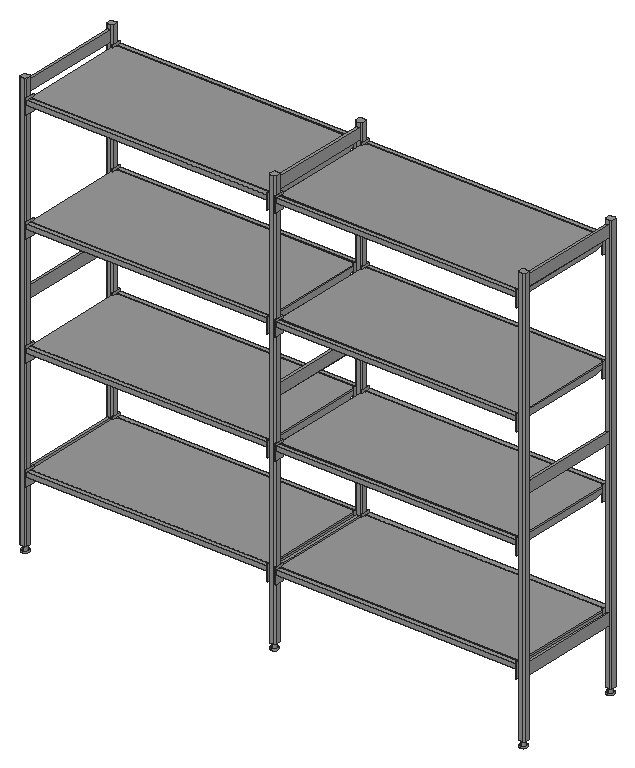
Revit family "QF_ELECTROLUXPROFESSIONAL_137044_BLS2048", category Attrezzature speciali, Revit 2020
Family settings
  Quota connettore circolare = Usa diametro
  Tipo di parte = Normale
  Basato su piano di lavoro = No
  Sempre verticale = Sì
  Taglio con vuoti quando caricato = No
  Condiviso = No
  Punto di calcolo locali = No
Parameters (values of type "Standard")
  Weight = 39.00 kg
  Watts = 0 W
  Volts = 0 V
  URL Manufacturer = "https://www.electroluxprofessional.com/"
  URL = "https://www.electroluxprofessional.com/"
  Steam Supply Size = 0 mm
  Steam Supply Minimum Pressure = 0.0 Pa
  Steam Supply Maximum Pressure = 0.0 Pa
  Steam Consumption per Hour = 0
  Refrigeration Suction Line Size = 0.0 mm
  Refrigeration Liquid Line Size = 0.0 mm
  Refrigerant Compressor Remote = yes
  Prospetto di default = 0.0 mm
  Phase = 0
  Modello = "BLS2048"
  Produttore = "Electrolux Professional"
  Length Actual = 2048.0 mm  # constant formula
  Item Number = "137044"
  Hot Water Size = 0 mm
  Height Actual = 1700.0 mm  # constant formula
  HP = "0 HP"
  Gas Size = 0 mm
  Gas KW = 0
  Gas Input Pressure = 0 W
  Direct Waste Size = 0 mm
  Descrizione = "ALUM.LINEAR SHELV.-POLY.TIERS-475X2048MM"
  Depth Actual = 475.0 mm  # constant formula
  Cycle = 0 Hz
  Condensate Return Size = 0 mm
  Compressed Air Volume = 0.0 L/s
  Compressed Air Size = 0 mm
  Compressed Air Pressure = 0.0 Pa
  Cold Water Size = 0 mm
  Accessory = yes
Reference planes
  plane 1: z = 0
  plane 2 "CenterLeft": x = -31
  plane 3 "LEFT": x = -417
  plane 4 "BACK": y = 23
  plane 5 "FRONT": y = -452
  plane 6 "TOP": z = 1700
  plane 7: x = -385
  plane 8: x = 589
  plane 9 "Center (Front/Back)": y = -214.5
  plane 10: y = -8.5
  plane 11: y = -420.5
  plane 12 "FEET": z = 25
  plane 13: z = 275
  plane 14: z = 725
  plane 15: z = 1175
  plane 16: z = 1625
  plane 17 "CXLeft": x = -403
  plane 18 "Center (Left/Right)": x = 607
  plane 19: y = 5.5
  plane 20 "CYBack": y = 5.5
  plane 21 "CYFront": y = -434.5
  plane 22 "RIGHT": x = 1631
  plane 23: x = 1599
  plane 24 "CXRight": x = 1617
  plane 25: x = 625
Forms (mm)
  Extrusion 1, solid, material "QF_Aluminum"
    sketch origin (-417, 0, -4.006) x (0, 1, 0) y (0, 0, 1)
      loop
        line (-12, 1637.003) -> (4, 1637.003) -> (4, 1655) -> (2.007, 1655) -> (2.007, 1648.501) -> (-431, 1648.501) -> (-431, 1655) -> (-433, 1655) -> (-433, 1637.003) -> (-417, 1637.003) -> (-383, 1625) -> (-46, 1625) -> (-12, 1637.003)
      loop
        line (-12, 1187.003) -> (4, 1187.003) -> (4, 1205) -> (2.007, 1205) -> (2.007, 1198.501) -> (-431, 1198.501) -> (-431, 1205) -> (-433, 1205) -> (-433, 1187.003) -> (-417, 1187.003) -> (-383, 1175) -> (-46, 1175) -> (-12, 1187.003)
      loop
        line (-12, 737.003) -> (4, 737.003) -> (4, 755) -> (2.007, 755) -> (2.007, 748.501) -> (-431, 748.501) -> (-431, 755) -> (-433, 755) -> (-433, 737.003) -> (-417, 737.003) -> (-383, 725) -> (-46, 725) -> (-12, 737.003)
      loop
        line (-12, 287.003) -> (4, 287.003) -> (4, 305) -> (2.007, 305) -> (2.007, 298.501) -> (-431, 298.501) -> (-431, 305) -> (-433, 305) -> (-433, 287.003) -> (-417, 287.003) -> (-383, 275) -> (-46, 275) -> (-12, 287.003)
    from 37 to 32
  Extrusion 2, solid, material "QF_Aluminum"
    sketch origin (-417, 0, 0) x (0, 1, 0) y (0, 0, 1)
      loop
        line (23, 246.005) -> (23, 307.993) -> (-12.993, 307.993) -> (-12.993, 246.005) -> (23, 246.005)
      loop
        line (-452, 246.005) -> (-416.007, 246.005) -> (-416.007, 307.993) -> (-452, 307.993) -> (-452, 246.005)
      loop
        line (23, 696.005) -> (23, 757.993) -> (-12.993, 757.993) -> (-12.993, 696.005) -> (23, 696.005)
      loop
        line (-452, 696.005) -> (-416.007, 696.005) -> (-416.007, 757.993) -> (-452, 757.993) -> (-452, 696.005)
      loop
        line (23, 1146.005) -> (23, 1207.993) -> (-12.993, 1207.993) -> (-12.993, 1146.005) -> (23, 1146.005)
      loop
        line (-452, 1146.005) -> (-416.007, 1146.005) -> (-416.007, 1207.993) -> (-452, 1207.993) -> (-452, 1146.005)
      loop
        line (23, 1596.005) -> (23, 1657.993) -> (-12.993, 1657.993) -> (-12.993, 1596.005) -> (23, 1596.005)
      loop
        line (-452, 1596.005) -> (-416.007, 1596.005) -> (-416.007, 1657.993) -> (-452, 1657.993) -> (-452, 1596.005)
    from 28 to 32
  Extrusion 3, solid, material "QF_Aluminum"
    sketch origin (-417, 0, 0) x (0, 1, 0) y (0, 0, 1)
      loop
        line (4, 1650.994) -> (4, 1632.998) -> (23, 1632.998) -> (23, 1650.994) -> (4, 1650.994)
      loop
        line (-433, 1650.994) -> (-452, 1650.994) -> (-452, 1632.998) -> (-433, 1632.998) -> (-433, 1650.994)
      loop
        line (4, 1200.994) -> (4, 1182.998) -> (23, 1182.998) -> (23, 1200.994) -> (4, 1200.994)
      loop
        line (-433, 1200.994) -> (-452, 1200.994) -> (-452, 1182.998) -> (-433, 1182.998) -> (-433, 1200.994)
      loop
        line (4, 750.994) -> (4, 732.998) -> (23, 732.998) -> (23, 750.994) -> (4, 750.994)
      loop
        line (-433, 750.994) -> (-452, 750.994) -> (-452, 732.998) -> (-433, 732.998) -> (-433, 750.994)
      loop
        line (4, 300.994) -> (4, 282.998) -> (23, 282.998) -> (23, 300.994) -> (4, 300.994)
      loop
        line (-433, 300.994) -> (-452, 300.994) -> (-452, 282.998) -> (-433, 282.998) -> (-433, 300.994)
    from 32 to 1006
  Extrusion 4, solid, material "QF_Polyethylene"
    sketch origin (-417, 0, 0) x (0, 1, 0) y (0, 0, 1)
      loop
        line (2.007, 1650.994) -> (-431, 1650.994) -> (-431, 1644.496) -> (2.007, 1644.496) -> (2.007, 1650.994)
      loop
        line (2.007, 1200.994) -> (-431, 1200.994) -> (-431, 1194.496) -> (2.007, 1194.496) -> (2.007, 1200.994)
      loop
        line (2.007, 750.994) -> (-431, 750.994) -> (-431, 744.496) -> (2.007, 744.496) -> (2.007, 750.994)
      loop
        line (2.007, 300.994) -> (-431, 300.994) -> (-431, 294.496) -> (2.007, 294.496) -> (2.007, 300.994)
    from 32 to 1006
  Extrusion 5, solid, material "QF_Aluminum"
    sketch origin (1631, 0, 0) x (0, 1, 0) y (0, 0, 1)
      loop
        line (4, 1650.994) -> (4, 1632.998) -> (23, 1632.998) -> (23, 1650.994) -> (4, 1650.994)
      loop
        line (-433, 1650.994) -> (-452, 1650.994) -> (-452, 1632.998) -> (-433, 1632.998) -> (-433, 1650.994)
      loop
        line (4, 1200.994) -> (4, 1182.998) -> (23, 1182.998) -> (23, 1200.994) -> (4, 1200.994)
      loop
        line (-433, 1200.994) -> (-452, 1200.994) -> (-452, 1182.998) -> (-433, 1182.998) -> (-433, 1200.994)
      loop
        line (4, 750.994) -> (4, 732.998) -> (23, 732.998) -> (23, 750.994) -> (4, 750.994)
      loop
        line (-433, 750.994) -> (-452, 750.994) -> (-452, 732.998) -> (-433, 732.998) -> (-433, 750.994)
      loop
        line (4, 300.994) -> (4, 282.998) -> (23, 282.998) -> (23, 300.994) -> (4, 300.994)
      loop
        line (-433, 300.994) -> (-452, 300.994) -> (-452, 282.998) -> (-433, 282.998) -> (-433, 300.994)
    from -32 to -1006
  Extrusion 6, solid, material "QF_Polyethylene"
    sketch origin (1631, 0, 0) x (0, 1, 0) y (0, 0, 1)
      loop
        line (2.007, 1650.994) -> (-431, 1650.994) -> (-431, 1644.496) -> (2.007, 1644.496) -> (2.007, 1650.994)
      loop
        line (2.007, 1200.994) -> (-431, 1200.994) -> (-431, 1194.496) -> (2.007, 1194.496) -> (2.007, 1200.994)
      loop
        line (2.007, 750.994) -> (-431, 750.994) -> (-431, 744.496) -> (2.007, 744.496) -> (2.007, 750.994)
      loop
        line (2.007, 300.994) -> (-431, 300.994) -> (-431, 294.496) -> (2.007, 294.496) -> (2.007, 300.994)
    from -32 to -1006
Lines and regions (mm)
  symbolic lines
    curve 1: line (589, 4, 1700) -> (-385, 4, 1700)
    curve 2: line (-408, -8.5, 1700) -> (-408, -420.5, 1700)
    curve 3: line (-398, -420.5, 1700) -> (-398, -8.5, 1700)
    curve 4: line (-389, 23, 1700) -> (593, 23, 1700)
    curve 5: line (-385, -452, 1700) -> (589, -452, 1700)
    curve 6: line (621, 23, 1700) -> (1603, 23, 1700)
    curve 7: line (621, -452, 1700) -> (1603, -452, 1700)
    curve 8: line (-385, -433, 1700) -> (589, -433, 1700)
    curve 9: line (625, -433, 1700) -> (1599, -433, 1700)
    curve 10: line (625, 4, 1700) -> (1599, 4, 1700)
    curve 11: line (1599, -12.993, 1700) -> (1599, -416.007, 1700)
    curve 12: line (589, -12.993, 1700) -> (589, -416.007, 1700)
    curve 13: line (625, -416.007, 1700) -> (625, -12.993, 1700)
    curve 14: line (-385, -12.993, 1700) -> (-385, -416.007, 1700)
Dimensions and locks
  plane 3 "LEFT" to plane 2 "CenterLeft" = 386.0 mm
  locked: plane 6 "TOP" to level at 1700
  locked: plane 4 "BACK" to plane 5 "FRONT" at 475
  locked: plane 7 to plane 8 at 974
  locked: plane 10 to plane 11 at 412
  equal spacing: plane 10, plane 9 "Center (Front/Back)", plane 11
  equal spacing: plane 4 "BACK", plane 9 "Center (Front/Back)", plane 5 "FRONT"
  plane 12 "FEET" to level = 25.0 mm
  plane 6 "TOP" to plane 12 "FEET" = 1675.0 mm
  plane 13 to plane 12 "FEET" = 250.0 mm
  plane 14 to plane 13 = 450.0 mm
  plane 15 to plane 14 = 450.0 mm
  plane 16 to plane 15 = 450.0 mm
  locked: plane 4 "BACK" to plane 20 "CYBack" at 17.5
  locked: plane 21 "CYFront" to plane 5 "FRONT" at 17.5
  locked: plane 4 "BACK" to Extrusion 1 at 19
  locked: Extrusion 1 to plane 5 "FRONT" at 19
  Extrusion 1 sketch curve to plane 21 "CYFront" = 3.5 mm
  plane 3 "LEFT" to plane 22 "RIGHT" = 2048.0 mm
  locked: plane 25 to plane 23 at 974
  locked: plane 8 to plane 18 "Center (Left/Right)" at 18
  locked: plane 18 "Center (Left/Right)" to plane 25 at 18
  locked: plane 3 "LEFT" to plane 7 at 32
  locked: plane 24 "CXRight" to plane 22 "RIGHT" at 14
  aligned and locked: level to plane 1
  aligned and locked: plane 7 to Extrusion 1
  aligned and locked: Extrusion 2 to plane 7
  aligned and locked: plane 7 to Extrusion 4
  aligned and locked: Extrusion 4 to plane 8
  aligned and locked: plane 7 to Extrusion 3
  aligned and locked: Extrusion 3 to plane 8
  aligned and locked: Extrusion 3 sketch curve to Extrusion 1
  aligned and locked: Extrusion 1 to Extrusion 3 sketch curve
  aligned and locked: Extrusion 3 sketch curve to Extrusion 3 sketch curve  (x2)
  aligned and locked: Extrusion 1 sketch curve to Extrusion 1 sketch curve  (x3)
  aligned and locked: Extrusion 4 sketch curve to Extrusion 1  (x4)
  aligned and locked: Extrusion 5 sketch curve to Extrusion 5 sketch curve  (x2)
  aligned and locked: Extrusion 5 to plane 25
  aligned and locked: Extrusion 6 to plane 25
  aligned and locked: nested 3 to plane 18 "Center (Left/Right)"
  aligned and locked: nested 1 to plane 17 "CXLeft"
  aligned and locked: Extrusion 3 to plane 7  (x3)
  aligned and locked: plane 8 to Extrusion 3  (x4)
  aligned and locked: plane 25 to Extrusion 5  (x4)
  aligned and locked: plane 25 to Extrusion 6  (x4)
  aligned and locked: plane 8 to Extrusion 4  (x4)
  aligned and locked: nested 2 to plane 24 "CXRight"
  aligned and locked: Extrusion 5 to plane 23
  aligned and locked: Extrusion 6 to plane 23
  aligned and locked: plane 23 to Extrusion 5  (x3)
  aligned and locked: plane 23 to Extrusion 6  (x3)
Automatic sketch dimensions
  plane 21 "CYFront" to Extrusion 1 sketch curve = 1.5 mm  (x4)
  plane 11 to Extrusion 1 sketch curve = 3.5 mm  (x4)
  Extrusion 1 sketch curve to plane 13 = 4.006 mm
  Extrusion 1 sketch curve to Extrusion 1 sketch curve = 34.0 mm  (x4)
  Extrusion 1 sketch curve to plane 14 = 4.006 mm
  Extrusion 1 sketch curve to plane 15 = 4.006 mm
  Extrusion 1 sketch curve to plane 16 = 4.006 mm
  Extrusion 1 sketch curve to plane 10 = 37.5 mm  (x4)
  Extrusion 1 sketch curve to plane 10 = 3.5 mm  (x4)
  plane 19 to Extrusion 1 sketch curve = 3.493 mm  (x4)
  plane 19 to Extrusion 1 sketch curve = 1.5 mm  (x4)
  plane 13 to Extrusion 1 sketch curve = 7.998 mm  (x2)
  Extrusion 1 sketch curve to Extrusion 1 sketch curve = 11.498 mm  (x4)
  Extrusion 1 sketch curve to Extrusion 1 sketch curve = 6.499 mm  (x8)
  plane 14 to Extrusion 1 sketch curve = 7.998 mm  (x2)
  plane 15 to Extrusion 1 sketch curve = 7.998 mm  (x2)
  plane 16 to Extrusion 1 sketch curve = 7.998 mm  (x2)
  Extrusion 2 sketch curve to plane 5 "FRONT" = 0.0 mm  (x4)
  Extrusion 2 sketch curve to plane 4 "BACK" = 0.0 mm  (x4)
  plane 11 to Extrusion 2 sketch curve = 4.493 mm  (x4)
  Extrusion 2 sketch curve to plane 10 = 4.493 mm  (x4)
  Extrusion 2 sketch curve to plane 13 = 28.995 mm  (x2)
  plane 13 to Extrusion 2 sketch curve = 32.993 mm  (x2)
  Extrusion 2 sketch curve to plane 14 = 28.995 mm  (x2)
  plane 14 to Extrusion 2 sketch curve = 32.993 mm  (x2)
  Extrusion 2 sketch curve to plane 15 = 28.995 mm  (x2)
  plane 15 to Extrusion 2 sketch curve = 32.993 mm  (x2)
  Extrusion 2 sketch curve to plane 16 = 28.995 mm  (x2)
  plane 16 to Extrusion 2 sketch curve = 32.993 mm  (x2)
  Extrusion 3 sketch curve to plane 5 "FRONT" = 0.0 mm  (x4)
  Extrusion 3 sketch curve to plane 4 "BACK" = 0.0 mm  (x4)
  plane 19 to Extrusion 3 sketch curve = 1.5 mm  (x4)
  plane 13 to Extrusion 3 sketch curve = 7.998 mm  (x2)
  Extrusion 3 sketch curve to Extrusion 3 sketch curve = 17.997 mm  (x8)
  plane 14 to Extrusion 3 sketch curve = 7.998 mm  (x2)
  plane 15 to Extrusion 3 sketch curve = 7.998 mm  (x2)
  plane 16 to Extrusion 3 sketch curve = 7.998 mm  (x2)
  plane 19 to Extrusion 4 sketch curve = 3.493 mm  (x4)
  plane 13 to Extrusion 4 sketch curve = 19.496 mm
  Extrusion 4 sketch curve to Extrusion 4 sketch curve = 6.499 mm  (x4)
  plane 14 to Extrusion 4 sketch curve = 19.496 mm
  plane 15 to Extrusion 4 sketch curve = 19.496 mm
  plane 16 to Extrusion 4 sketch curve = 19.496 mm
  Extrusion 5 sketch curve to plane 5 "FRONT" = 0.0 mm  (x4)
  Extrusion 5 sketch curve to plane 4 "BACK" = 0.0 mm  (x4)
  plane 21 "CYFront" to Extrusion 5 sketch curve = 1.5 mm  (x2)
  plane 19 to Extrusion 5 sketch curve = 1.5 mm  (x4)
  plane 13 to Extrusion 5 sketch curve = 7.998 mm  (x2)
  Extrusion 5 sketch curve to Extrusion 5 sketch curve = 17.997 mm  (x8)
  plane 14 to Extrusion 5 sketch curve = 7.998 mm  (x2)
  plane 15 to Extrusion 5 sketch curve = 7.998 mm  (x2)
  plane 16 to Extrusion 5 sketch curve = 7.998 mm  (x2)
  plane 21 "CYFront" to Extrusion 6 sketch curve = 3.5 mm  (x4)
  plane 19 to Extrusion 6 sketch curve = 3.493 mm  (x4)
  plane 13 to Extrusion 6 sketch curve = 19.496 mm
  Extrusion 6 sketch curve to Extrusion 6 sketch curve = 6.499 mm  (x4)
  plane 14 to Extrusion 6 sketch curve = 19.496 mm
  plane 15 to Extrusion 6 sketch curve = 19.496 mm
  plane 16 to Extrusion 6 sketch curve = 19.496 mm
  curve 7 to plane 5 "FRONT" = 0.0 mm
  curve 5 to plane 5 "FRONT" = 0.0 mm
  curve 8 to plane 8 = 0.0 mm
  curve 9 to plane 25 = 0.0 mm
  curve 9 to plane 23 = 0.0 mm
  curve 8 to plane 7 = 0.0 mm
  curve 2 to plane 11 = 0.0 mm
  curve 3 to plane 11 = 0.0 mm
  curve 14 to plane 7 = 0.0 mm
  curve 13 to plane 25 = 0.0 mm
  curve 12 to plane 8 = 0.0 mm
  curve 11 to plane 23 = 0.0 mm
  curve 3 to plane 10 = 0.0 mm
  curve 2 to plane 10 = 0.0 mm
  curve 1 to plane 8 = 0.0 mm
  curve 1 to plane 7 = 0.0 mm
  curve 10 to plane 23 = 0.0 mm
  curve 10 to plane 25 = 0.0 mm
  curve 4 to plane 4 "BACK" = 0.0 mm
  curve 6 to plane 4 "BACK" = 0.0 mm
  curve 5 to plane 8 = 0.0 mm
  curve 5 to plane 7 = 0.0 mm
  plane 21 "CYFront" to curve 8 = 1.5 mm
  plane 21 "CYFront" to curve 9 = 1.5 mm
  plane 11 to curve 14 = 4.493 mm
  plane 11 to curve 13 = 4.493 mm
  plane 11 to curve 12 = 4.493 mm
  plane 11 to curve 11 = 4.493 mm
  curve 14 to plane 10 = 4.493 mm
  curve 13 to plane 10 = 4.493 mm
  curve 12 to plane 10 = 4.493 mm
  curve 11 to plane 10 = 4.493 mm
  plane 19 to curve 1 = 1.5 mm
  plane 19 to curve 10 = 1.5 mm
  curve 6 to plane 23 = 4.0 mm
  curve 7 to plane 23 = 4.0 mm
  curve 6 to plane 25 = 4.0 mm
  curve 7 to plane 25 = 4.0 mm
  curve 4 to plane 8 = 4.0 mm
  plane 7 to curve 4 = 4.0 mm
  plane 17 "CXLeft" to curve 3 = 5.0 mm
  curve 2 to plane 17 "CXLeft" = 5.0 mm
Nested families
  nested 1: "WT_Anta475" at (0, 0, 0), type "WT_Anta475"
  nested 2: "WT_Anta475" at (1214, 0, 0) x (-1, 0, 0) z (0, 0, 1), type "WT_Anta475"
  nested 3: "WT_Anta475Center" at (1010, 0, 0), type "WT_Anta475Center"
Definition of nested family "WT_Anta475"
  Parameters
    WidthLeft = A + 64.0 mm  # 772.0 mm
    Width = 1606.0 mm
    Right = WidthLeft / 2  # 386.0 mm
    Default Elevation = 0.0 mm
    Left = -WidthLeft / 2  # -386.0 mm
    Height = 1725.0 mm
    FEET = 25.0 mm
    E = 0.0 mm
    Dint = Depth - 63.0 mm  # 412.0 mm
    Dext = Depth - 8.0 mm  # 467.0 mm
    Depth = 475.0 mm
    DX = (WidthLeft - A) / 2  # 32.0 mm
    B = 798.0 mm
    A = 708.0 mm
  Reference planes
    plane 1: z = 0
    plane 2 "LEFT": x = -417
    plane 3 "BACK": y = 23
    plane 4 "FRONT": y = -452
    plane 5 "TOP": z = 1725
    plane 6 "Center (Front/Back)": y = -214.5
    plane 7: y = -8.5
    plane 8: y = -420.5
    plane 9 "FEET": z = 25
    plane 10: z = 275
    plane 11: z = 725
    plane 12: z = 1175
    plane 13: z = 1625
    plane 14 "CXLeft": x = -403
    plane 15: y = 5.5
    plane 16 "CYBack": y = 5.5
    plane 17 "CYFront": y = -434.5
    plane 18: x = -385.031
    plane 19: x = -380.031
  Forms (mm)
    Extrusion 1, solid
      sketch origin (0, 0, 0) x (1, 0, 0) y (0, 1, 0)
        loop
          line (-417, 13.246) -> (-417, -2.246) -> (-410.746, -8.5) -> (-395.254, -8.5) -> (-389, -2.246) -> (-389, 13.246) -> (-395.254, 19.5) -> (-410.746, 19.5) -> (-417, 13.246)
      from 1725 to 25
    Extrusion 2, solid
      sketch origin (-417, 0, 0) x (0, 1, 0) y (0, 0, 1)
        loop
          line (23, 246.005) -> (23, 307.993) -> (-12.993, 307.993) -> (-12.993, 246.005) -> (23, 246.005)
        loop
          line (-452, 246.005) -> (-416.007, 246.005) -> (-416.007, 307.993) -> (-452, 307.993) -> (-452, 246.005)
        loop
          line (23, 696.005) -> (23, 757.993) -> (-12.993, 757.993) -> (-12.993, 696.005) -> (23, 696.005)
        loop
          line (-452, 696.005) -> (-416.007, 696.005) -> (-416.007, 757.993) -> (-452, 757.993) -> (-452, 696.005)
        loop
          line (23, 1146.005) -> (23, 1207.993) -> (-12.993, 1207.993) -> (-12.993, 1146.005) -> (23, 1146.005)
        loop
          line (-452, 1146.005) -> (-416.007, 1146.005) -> (-416.007, 1207.993) -> (-452, 1207.993) -> (-452, 1146.005)
        loop
          line (23, 1596.005) -> (23, 1657.993) -> (-12.993, 1657.993) -> (-12.993, 1596.005) -> (23, 1596.005)
        loop
          line (-452, 1596.005) -> (-416.007, 1596.005) -> (-416.007, 1657.993) -> (-452, 1657.993) -> (-452, 1596.005)
      from 28 to 32
    Revolve 3, solid
      sketch origin (-403, 0, 0) x (0, 1, 0) y (0, 0, 1)
        loop
          line (5.5, 25) -> (5.5, 0) -> (19, 0) -> (19, 5) -> (14, 5) -> (14, 25) -> (5.5, 25)
        axis (5.5, 25) -> (5.5, 0)
      angle from 0 to 360
    Extrusion 4, solid
      sketch origin (-403, 0, 0) x (0, 1, 0) y (0, 0, 1)
        loop
          line (-8.5, 912.382) -> (-8.5, 957.374) -> (-420.5, 957.374) -> (-420.5, 912.382) -> (-8.5, 912.382)
        loop
          line (-8.5, 1662.244) -> (-8.5, 1707.236) -> (-420.5, 1707.236) -> (-420.5, 1662.244) -> (-8.5, 1662.244)
      from -5 to 5
    Revolve 5, solid
      sketch origin (-403, -627, 0) x (0, -1, 0) y (0, 0, 1)
        loop
          line (-192.5, 25) -> (-192.5, 0) -> (-179, 0) -> (-179, 5) -> (-184, 5) -> (-184, 25) -> (-192.5, 25)
        axis (-192.5, 25) -> (-192.5, 0)
      angle from 0 to 360
    Extrusion 6, solid
      sketch origin (0, -627, 0) x (1, 0, 0) y (0, 1, 0)
        loop
          line (-417, 184.754) -> (-410.746, 178.5) -> (-395.254, 178.5) -> (-389, 184.754) -> (-389, 200.246) -> (-395.254, 206.5) -> (-410.746, 206.5) -> (-417, 200.246) -> (-417, 184.754)
      from 1725 to 25
    Extrusion 7, solid
      sketch origin (-417.031, -0.022, 0) x (0, 1, 0) y (0, 0, -1)
        loop
          line (-12, -1632.998) -> (-46, -1620.994) -> (-383, -1620.994) -> (-417, -1632.998) -> (-433, -1632.998) -> (-433, -1650.994) -> (-431, -1650.994) -> (-431, -1644.496) -> (2.007, -1644.496) -> (2.007, -1650.994) -> (4, -1650.994) -> (4, -1632.998) -> (-12, -1632.998)
        loop
          line (-12, -1182.998) -> (-46, -1170.994) -> (-383, -1170.994) -> (-417, -1182.998) -> (-433, -1182.998) -> (-433, -1200.994) -> (-431, -1200.994) -> (-431, -1194.496) -> (2.007, -1194.496) -> (2.007, -1200.994) -> (4, -1200.994) -> (4, -1182.998) -> (-12, -1182.998)
        loop
          line (-12, -732.998) -> (-46, -720.994) -> (-383, -720.994) -> (-417, -732.998) -> (-433, -732.998) -> (-433, -750.994) -> (-431, -750.994) -> (-431, -744.496) -> (2.007, -744.496) -> (2.007, -750.994) -> (4, -750.994) -> (4, -732.998) -> (-12, -732.998)
        loop
          line (-12, -282.998) -> (-46, -270.994) -> (-383, -270.994) -> (-417, -282.998) -> (-433, -282.998) -> (-433, -300.994) -> (-431, -300.994) -> (-431, -294.496) -> (2.007, -294.496) -> (2.007, -300.994) -> (4, -300.994) -> (4, -282.998) -> (-12, -282.998)
      from -32 to -37
    Extrusion 8, solid
      sketch origin (-403, 0, -659.878) x (0, 1, 0) y (0, 0, 1)
        loop
          line (-8.5, 912.382) -> (-8.5, 957.374) -> (-420.5, 957.374) -> (-420.5, 912.382) -> (-8.5, 912.382)
        loop
          line (-8.5, 1572.382) -> (-8.5, 1617.374) -> (-420.5, 1617.374) -> (-420.5, 1572.382) -> (-8.5, 1572.382)
        loop
          line (-8.5, 2322.382) -> (-8.5, 2367.374) -> (-420.5, 2367.374) -> (-420.5, 2322.382) -> (-8.5, 2322.382)
      from -5 to 5
  Lines and regions (mm)
    symbolic lines
      curve 1: line (-408, -8.5, 1725) -> (-408, -420.5, 1725)
      curve 2: line (-398, -420.5, 1725) -> (-398, -8.5, 1725)
      curve 3: line (-395.254, -8.5, 1725) -> (-410.746, -8.5, 1725)
      curve 4: line (-417, -2.246, 1725) -> (-410.746, -8.5, 1725)
      curve 5: line (-417, 13.246, 1725) -> (-417, -2.246, 1725)
      curve 6: line (-410.746, 19.5, 1725) -> (-417, 13.246, 1725)
      curve 7: line (-395.254, 19.5, 1725) -> (-410.746, 19.5, 1725)
      curve 8: line (-389, 13.246, 1725) -> (-395.254, 19.5, 1725)
      curve 9: line (-395.254, -8.5, 1725) -> (-389, -2.246, 1725)
      curve 10: line (-395.254, -420.5, 1725) -> (-410.746, -420.5, 1725)
      curve 11: line (-417, -426.754, 1725) -> (-410.746, -420.5, 1725)
      curve 12: line (-410.746, -448.5, 1725) -> (-417, -442.246, 1725)
      curve 13: line (-395.254, -448.5, 1725) -> (-410.746, -448.5, 1725)
      curve 14: line (-389, -442.246, 1725) -> (-395.254, -448.5, 1725)
      curve 15: line (-395.254, -420.5, 1725) -> (-389, -426.754, 1725)
      curve 16: line (-389, -452, 1725) -> (-389, -416.007, 1725)
      curve 17: line (-389, -416.007, 1725) -> (-385, -416.007, 1725)
      curve 18: line (-389, 23, 1725) -> (-389, -12.993, 1725)
      curve 19: line (-389, -12.993, 1725) -> (-385, -12.993, 1725)
      curve 20: line (-417, -426.754, 1725) -> (-417, -442.246, 1725)
      curve 21: line (-385, -452, 1725) -> (-385, -416.007, 1725)
      curve 22: line (-385, -452, 1725) -> (-389, -452, 1725)
      curve 23: line (-385, 23, 1725) -> (-389, 23, 1725)
      curve 24: line (-385, -12.993, 1725) -> (-385, 23, 1725)
      curve 25: line (-385.031, -13.016, 1725) -> (-385.031, -416.029, 1725)
  Dimensions and locks
    "Height": plane 5 "TOP" to level
    "Depth": plane 3 "BACK" to plane 4 "FRONT"
    "Dint": plane 7 to plane 8
    equal spacing: plane 7, plane 6 "Center (Front/Back)", plane 8
    equal spacing: plane 3 "BACK", plane 6 "Center (Front/Back)", plane 4 "FRONT"
    plane 9 "FEET" to level = 25.0 mm
    plane 5 "TOP" to plane 9 "FEET" = 1700.0 mm
    plane 10 to plane 9 "FEET" = 250.0 mm
    plane 11 to plane 10 = 450.0 mm
    plane 12 to plane 11 = 450.0 mm
    plane 13 to plane 12 = 450.0 mm
    locked: plane 2 "LEFT" to plane 14 "CXLeft" at 14
    locked: plane 3 "BACK" to plane 16 "CYBack" at 17.5
    locked: plane 17 "CYFront" to plane 4 "FRONT" at 17.5
    locked: Revolve 3 sketch curve to Revolve 3 sketch curve at 8.5
    locked: Revolve 3 sketch curve to plane 16 "CYBack" at 13.5
    locked: Revolve 5 sketch curve to Revolve 5 sketch curve at 8.5
    aligned and locked: level to plane 1
    aligned and locked: curve 20 to Extrusion 6
    aligned and locked: plane 5 "TOP" to Extrusion 1
    aligned and locked: plane 5 "TOP" to Extrusion 6
    aligned and locked: Extrusion 7 sketch curve to Extrusion 7 sketch curve  (x3)
  Automatic sketch dimensions
    curve 16 to plane 4 "FRONT" = 0.0 mm
    curve 11 to plane 8 = 0.0 mm
    curve 9 to plane 7 = 0.0 mm
    curve 5 to plane 2 "LEFT" = 0.0 mm
    curve 23 to plane 3 "BACK" = 0.0 mm
    plane 4 "FRONT" to curve 13 = 3.5 mm
    curve 20 to plane 17 "CYFront" = 7.746 mm
    curve 20 to plane 8 = 6.254 mm
    plane 8 to curve 16 = 4.493 mm
    curve 24 to plane 18 = 0.031 mm
    curve 24 to plane 7 = 4.493 mm
    plane 7 to curve 5 = 6.254 mm
    curve 5 to plane 15 = 7.746 mm
    curve 6 to plane 3 "BACK" = 3.5 mm
    curve 21 to plane 18 = 0.031 mm
    plane 18 to curve 23 = 3.969 mm
    plane 18 to curve 16 = 3.969 mm
    curve 18 to curve 8 = 6.254 mm
    curve 18 to curve 3 = 6.254 mm
    curve 16 to curve 13 = 6.254 mm
    curve 16 to curve 15 = 6.254 mm
    plane 2 "LEFT" to curve 10 = 6.254 mm
    plane 2 "LEFT" to curve 7 = 6.254 mm
    plane 2 "LEFT" to curve 12 = 6.254 mm
    plane 2 "LEFT" to curve 3 = 6.254 mm
    curve 14 to plane 17 "CYFront" = 7.746 mm
    curve 15 to plane 8 = 6.254 mm
    plane 7 to curve 9 = 6.254 mm
    curve 8 to plane 15 = 7.746 mm
    curve 3 to curve 2 = 2.746 mm
    curve 1 to curve 10 = 2.746 mm
    Extrusion 1 sketch curve to plane 2 "LEFT" = 0.0 mm
    Extrusion 1 sketch curve to plane 7 = 0.0 mm
    plane 2 "LEFT" to Extrusion 1 sketch curve = 6.254 mm  (x2)
    plane 14 "CXLeft" to Extrusion 1 sketch curve = 7.746 mm  (x2)
    Extrusion 1 sketch curve to plane 3 "BACK" = 3.5 mm
    plane 18 to Extrusion 1 sketch curve = 3.969 mm
    plane 7 to Extrusion 1 sketch curve = 6.254 mm  (x2)
    Extrusion 1 sketch curve to plane 15 = 7.746 mm  (x2)
    Extrusion 2 sketch curve to plane 4 "FRONT" = 0.0 mm  (x4)
    Extrusion 2 sketch curve to plane 3 "BACK" = 0.0 mm  (x4)
    plane 8 to Extrusion 2 sketch curve = 4.493 mm  (x4)
    Extrusion 2 sketch curve to plane 7 = 4.493 mm  (x4)
    Extrusion 2 sketch curve to plane 10 = 28.995 mm  (x2)
    plane 10 to Extrusion 2 sketch curve = 32.993 mm  (x2)
    Extrusion 2 sketch curve to plane 11 = 28.995 mm  (x2)
    plane 11 to Extrusion 2 sketch curve = 32.993 mm  (x2)
    Extrusion 2 sketch curve to plane 12 = 28.995 mm  (x2)
    plane 12 to Extrusion 2 sketch curve = 32.993 mm  (x2)
    Extrusion 2 sketch curve to plane 13 = 28.995 mm  (x2)
    plane 13 to Extrusion 2 sketch curve = 32.993 mm  (x2)
    Revolve 3 sketch curve to plane 9 "FEET" = 0.0 mm  (x2)
    Revolve 3 sketch curve to plane 15 = 0.0 mm  (x2)
    Revolve 3 sketch curve to level = 0.0 mm
    level to Revolve 3 sketch curve = 5.0 mm
    Revolve 3 sketch curve to Revolve 3 sketch curve = 11.655 mm
    Extrusion 4 sketch curve to plane 8 = 0.0 mm  (x2)
    Extrusion 4 sketch curve to plane 7 = 0.0 mm  (x2)
    plane 11 to Extrusion 4 sketch curve = 187.382 mm
    Extrusion 4 sketch curve to Extrusion 4 sketch curve = 44.992 mm
    plane 13 to Extrusion 4 sketch curve = 37.244 mm
    Extrusion 4 sketch curve to plane 5 "TOP" = 17.764 mm
    Revolve 5 sketch curve to plane 9 "FEET" = 0.0 mm  (x2)
    Revolve 5 sketch curve to plane 17 "CYFront" = 0.0 mm  (x2)
    Revolve 5 sketch curve to level = 0.0 mm
    Revolve 5 sketch curve to plane 4 "FRONT" = 4.0 mm
    Revolve 5 sketch curve to Revolve 5 sketch curve = 5.0 mm
    level to Revolve 5 sketch curve = 11.655 mm
    Extrusion 6 sketch curve to plane 2 "LEFT" = 0.0 mm
    Extrusion 6 sketch curve to plane 8 = 0.0 mm
    Extrusion 6 sketch curve to plane 2 "LEFT" = 6.254 mm  (x2)
    Extrusion 6 sketch curve to plane 14 "CXLeft" = 7.746 mm  (x2)
    Extrusion 6 sketch curve to plane 4 "FRONT" = 3.5 mm
    Extrusion 6 sketch curve to plane 18 = 3.969 mm
    plane 8 to Extrusion 6 sketch curve = 6.254 mm  (x2)
    plane 17 "CYFront" to Extrusion 6 sketch curve = 7.746 mm  (x2)
    plane 17 "CYFront" to Extrusion 7 sketch curve = 1.478 mm  (x4)
    Extrusion 7 sketch curve to Extrusion 7 sketch curve = 2.0 mm
    plane 8 to Extrusion 7 sketch curve = 3.478 mm  (x4)
    Extrusion 7 sketch curve to plane 10 = 4.006 mm
    Extrusion 7 sketch curve to Extrusion 7 sketch curve = 34.0 mm  (x4)
    Extrusion 7 sketch curve to plane 11 = 4.006 mm
    Extrusion 7 sketch curve to plane 12 = 4.006 mm
    Extrusion 7 sketch curve to plane 13 = 4.006 mm
    Extrusion 7 sketch curve to plane 7 = 37.522 mm  (x4)
    Extrusion 7 sketch curve to plane 7 = 3.522 mm  (x4)
    plane 15 to Extrusion 7 sketch curve = 3.516 mm  (x4)
    plane 15 to Extrusion 7 sketch curve = 1.522 mm  (x4)
    plane 13 to Extrusion 7 sketch curve = 7.998 mm  (x2)
    Extrusion 7 sketch curve to Extrusion 7 sketch curve = 11.498 mm
    Extrusion 7 sketch curve to Extrusion 7 sketch curve = 6.499 mm  (x5)
    plane 12 to Extrusion 7 sketch curve = 25.994 mm  (x2)
    plane 12 to Extrusion 7 sketch curve = 7.998 mm  (x2)
    plane 11 to Extrusion 7 sketch curve = 25.994 mm  (x2)
    plane 11 to Extrusion 7 sketch curve = 7.998 mm  (x2)
    plane 10 to Extrusion 7 sketch curve = 25.994 mm  (x2)
    plane 10 to Extrusion 7 sketch curve = 7.998 mm  (x2)
    curve 25 to plane 18 = 0.0 mm
    plane 8 to curve 25 = 4.471 mm
    curve 25 to plane 7 = 4.516 mm
    Extrusion 8 sketch curve to plane 8 = 0.0 mm  (x3)
    Extrusion 8 sketch curve to plane 7 = 0.0 mm  (x3)
    Extrusion 8 sketch curve to plane 10 = 22.496 mm
    plane 10 to Extrusion 8 sketch curve = 22.496 mm
    plane 11 to Extrusion 8 sketch curve = 187.504 mm
    Extrusion 8 sketch curve to Extrusion 8 sketch curve = 44.992 mm
    plane 13 to Extrusion 8 sketch curve = 37.504 mm
    Extrusion 8 sketch curve to plane 5 "TOP" = 17.504 mm
Definition of nested family "WT_Anta475Center"
  Parameters
    WidthLeft = A + 64.0 mm  # 772.0 mm
    Width = 1606.0 mm
    Right = WidthLeft / 2  # 386.0 mm
    Default Elevation = 0.0 mm
    Left = -WidthLeft / 2  # -386.0 mm
    Height = 1725.0 mm
    FEET = 25.0 mm
    E = 0.0 mm
    Dint = Depth - 63.0 mm  # 412.0 mm
    Dext = Depth - 8.0 mm  # 467.0 mm
    Depth = 475.0 mm
    DX = (WidthLeft - A) / 2  # 32.0 mm
    B = 798.0 mm
    A = 708.0 mm
  Reference planes
    plane 1: z = 0
    plane 2 "L": x = -417
    plane 3 "BACK": y = 23
    plane 4 "FRONT": y = -452
    plane 5 "TOP": z = 1725
    plane 6 "Center (Front/Back)": y = -214.5
    plane 7: y = -8.5
    plane 8: y = -420.5
    plane 9 "FEET": z = 25
    plane 10: z = 275
    plane 11: z = 725
    plane 12: z = 1175
    plane 13: z = 1625
    plane 14 "CXLeft": x = -403
    plane 15: y = 5.5
    plane 16 "CYBack": y = 5.5
    plane 17 "CYFront": y = -434.5
    plane 18: x = -385.031
    plane 19 "RIGHT": x = -380.031
    plane 20: x = -420.969
    plane 21 "LEFT": x = -425.969
  Forms (mm)
    Extrusion 1, solid
      sketch origin (0, 0, 0) x (1, 0, 0) y (0, 1, 0)
        loop
          line (-417, 13.246) -> (-417, -2.246) -> (-410.746, -8.5) -> (-395.254, -8.5) -> (-389, -2.246) -> (-389, 13.246) -> (-395.254, 19.5) -> (-410.746, 19.5) -> (-417, 13.246)
      from 1725 to 25
    Extrusion 2, solid
      sketch origin (-417, 0, 0) x (0, 1, 0) y (0, 0, 1)
        loop
          line (23, 246.005) -> (23, 307.993) -> (-12.993, 307.993) -> (-12.993, 246.005) -> (23, 246.005)
        loop
          line (-452, 246.005) -> (-416.007, 246.005) -> (-416.007, 307.993) -> (-452, 307.993) -> (-452, 246.005)
        loop
          line (23, 696.005) -> (23, 757.993) -> (-12.993, 757.993) -> (-12.993, 696.005) -> (23, 696.005)
        loop
          line (-452, 696.005) -> (-416.007, 696.005) -> (-416.007, 757.993) -> (-452, 757.993) -> (-452, 696.005)
        loop
          line (23, 1146.005) -> (23, 1207.993) -> (-12.993, 1207.993) -> (-12.993, 1146.005) -> (23, 1146.005)
        loop
          line (-452, 1146.005) -> (-416.007, 1146.005) -> (-416.007, 1207.993) -> (-452, 1207.993) -> (-452, 1146.005)
        loop
          line (23, 1596.005) -> (23, 1657.993) -> (-12.993, 1657.993) -> (-12.993, 1596.005) -> (23, 1596.005)
        loop
          line (-452, 1596.005) -> (-416.007, 1596.005) -> (-416.007, 1657.993) -> (-452, 1657.993) -> (-452, 1596.005)
      from 28 to 32
    Revolve 3, solid
      sketch origin (-403, 0, 0) x (0, 1, 0) y (0, 0, 1)
        loop
          line (5.5, 25) -> (5.5, 0) -> (19, 0) -> (19, 5) -> (14, 5) -> (14, 25) -> (5.5, 25)
        axis (5.5, 25) -> (5.5, 0)
      angle from 0 to 360
    Extrusion 4, solid
      sketch origin (-403, 0, 0) x (0, 1, 0) y (0, 0, 1)
        loop
          line (-8.5, 912.382) -> (-8.5, 957.374) -> (-420.5, 957.374) -> (-420.5, 912.382) -> (-8.5, 912.382)
        loop
          line (-8.5, 1662.244) -> (-8.5, 1707.236) -> (-420.5, 1707.236) -> (-420.5, 1662.244) -> (-8.5, 1662.244)
      from -5 to 5
    Revolve 5, solid
      sketch origin (-403, -627, 0) x (0, -1, 0) y (0, 0, 1)
        loop
          line (-192.5, 25) -> (-192.5, 0) -> (-179, 0) -> (-179, 5) -> (-184, 5) -> (-184, 25) -> (-192.5, 25)
        axis (-192.5, 25) -> (-192.5, 0)
      angle from 0 to 360
    Extrusion 6, solid
      sketch origin (0, -627, 0) x (1, 0, 0) y (0, 1, 0)
        loop
          line (-417, 184.754) -> (-410.746, 178.5) -> (-395.254, 178.5) -> (-389, 184.754) -> (-389, 200.246) -> (-395.254, 206.5) -> (-410.746, 206.5) -> (-417, 200.246) -> (-417, 184.754)
      from 1725 to 25
    Extrusion 7, solid
      sketch origin (-417.031, -0.022, 0) x (0, 1, 0) y (0, 0, -1)
        loop
          line (-12, -1632.998) -> (-46, -1620.994) -> (-383, -1620.994) -> (-417, -1632.998) -> (-433, -1632.998) -> (-433, -1650.994) -> (-431, -1650.994) -> (-431, -1644.496) -> (2.007, -1644.496) -> (2.007, -1650.994) -> (4, -1650.994) -> (4, -1632.998) -> (-12, -1632.998)
        loop
          line (-12, -1182.998) -> (-46, -1170.994) -> (-383, -1170.994) -> (-417, -1182.998) -> (-433, -1182.998) -> (-433, -1200.994) -> (-431, -1200.994) -> (-431, -1194.496) -> (2.007, -1194.496) -> (2.007, -1200.994) -> (4, -1200.994) -> (4, -1182.998) -> (-12, -1182.998)
        loop
          line (-12, -732.998) -> (-46, -720.994) -> (-383, -720.994) -> (-417, -732.998) -> (-433, -732.998) -> (-433, -750.994) -> (-431, -750.994) -> (-431, -744.496) -> (2.007, -744.496) -> (2.007, -750.994) -> (4, -750.994) -> (4, -732.998) -> (-12, -732.998)
        loop
          line (-12, -282.998) -> (-46, -270.994) -> (-383, -270.994) -> (-417, -282.998) -> (-433, -282.998) -> (-433, -300.994) -> (-431, -300.994) -> (-431, -294.496) -> (2.007, -294.496) -> (2.007, -300.994) -> (4, -300.994) -> (4, -282.998) -> (-12, -282.998)
      from -32 to -37
    Extrusion 8, solid
      sketch origin (-403, 0, -659.878) x (0, 1, 0) y (0, 0, 1)
        loop
          line (-8.5, 912.382) -> (-8.5, 957.374) -> (-420.5, 957.374) -> (-420.5, 912.382) -> (-8.5, 912.382)
        loop
          line (-8.5, 1572.382) -> (-8.5, 1617.374) -> (-420.5, 1617.374) -> (-420.5, 1572.382) -> (-8.5, 1572.382)
        loop
          line (-8.5, 2322.382) -> (-8.5, 2367.374) -> (-420.5, 2367.374) -> (-420.5, 2322.382) -> (-8.5, 2322.382)
      from -5 to 5
    Extrusion 9, solid
      sketch origin (-389, 0, 0) x (0, 1, 0) y (0, 0, -1)
        loop
          line (23, -246.005) -> (-12.993, -246.005) -> (-12.993, -307.993) -> (23, -307.993) -> (23, -246.005)
        loop
          line (-452, -246.005) -> (-452, -307.993) -> (-416.007, -307.993) -> (-416.007, -246.005) -> (-452, -246.005)
        loop
          line (23, -696.005) -> (-12.993, -696.005) -> (-12.993, -757.993) -> (23, -757.993) -> (23, -696.005)
        loop
          line (-452, -696.005) -> (-452, -757.993) -> (-416.007, -757.993) -> (-416.007, -696.005) -> (-452, -696.005)
        loop
          line (23, -1146.005) -> (-12.993, -1146.005) -> (-12.993, -1207.993) -> (23, -1207.993) -> (23, -1146.005)
        loop
          line (-452, -1146.005) -> (-452, -1207.993) -> (-416.007, -1207.993) -> (-416.007, -1146.005) -> (-452, -1146.005)
        loop
          line (23, -1596.005) -> (-12.993, -1596.005) -> (-12.993, -1657.993) -> (23, -1657.993) -> (23, -1596.005)
        loop
          line (-452, -1596.005) -> (-452, -1657.993) -> (-416.007, -1657.993) -> (-416.007, -1596.005) -> (-452, -1596.005)
      from 28 to 32
    Extrusion 10, solid
      sketch origin (-388.969, -0.022, 0) x (0, 1, 0) y (0, 0, 1)
        loop
          line (-12, 1632.998) -> (4, 1632.998) -> (4, 1650.994) -> (2.007, 1650.994) -> (2.007, 1644.496) -> (-431, 1644.496) -> (-431, 1650.994) -> (-433, 1650.994) -> (-433, 1632.998) -> (-417, 1632.998) -> (-383, 1620.994) -> (-46, 1620.994) -> (-12, 1632.998)
        loop
          line (-12, 1182.998) -> (4, 1182.998) -> (4, 1200.994) -> (2.007, 1200.994) -> (2.007, 1194.496) -> (-431, 1194.496) -> (-431, 1200.994) -> (-433, 1200.994) -> (-433, 1182.998) -> (-417, 1182.998) -> (-383, 1170.994) -> (-46, 1170.994) -> (-12, 1182.998)
        loop
          line (-12, 732.998) -> (4, 732.998) -> (4, 750.994) -> (2.007, 750.994) -> (2.007, 744.496) -> (-431, 744.496) -> (-431, 750.994) -> (-433, 750.994) -> (-433, 732.998) -> (-417, 732.998) -> (-383, 720.994) -> (-46, 720.994) -> (-12, 732.998)
        loop
          line (-12, 282.998) -> (4, 282.998) -> (4, 300.994) -> (2.007, 300.994) -> (2.007, 294.496) -> (-431, 294.496) -> (-431, 300.994) -> (-433, 300.994) -> (-433, 282.998) -> (-417, 282.998) -> (-383, 270.994) -> (-46, 270.994) -> (-12, 282.998)
      from -32 to -37
  Lines and regions (mm)
    symbolic lines
      curve 1: line (-408, -8.5, 1725) -> (-408, -420.5, 1725)
      curve 2: line (-398, -420.5, 1725) -> (-398, -8.5, 1725)
      curve 3: line (-395.254, -8.5, 1725) -> (-410.746, -8.5, 1725)
      curve 4: line (-417, -2.246, 1725) -> (-410.746, -8.5, 1725)
      curve 5: line (-410.746, 19.5, 1725) -> (-417, 13.246, 1725)
      curve 6: line (-395.254, 19.5, 1725) -> (-410.746, 19.5, 1725)
      curve 7: line (-389, 13.246, 1725) -> (-395.254, 19.5, 1725)
      curve 8: line (-395.254, -8.5, 1725) -> (-389, -2.246, 1725)
      curve 9: line (-395.254, -420.5, 1725) -> (-410.746, -420.5, 1725)
      curve 10: line (-417, -426.754, 1725) -> (-410.746, -420.5, 1725)
      curve 11: line (-410.746, -448.5, 1725) -> (-417, -442.246, 1725)
      curve 12: line (-395.254, -448.5, 1725) -> (-410.746, -448.5, 1725)
      curve 13: line (-389, -442.246, 1725) -> (-395.254, -448.5, 1725)
      curve 14: line (-395.254, -420.5, 1725) -> (-389, -426.754, 1725)
      curve 15: line (-389, -452, 1725) -> (-389, -416.007, 1725)
      curve 16: line (-389, -416.007, 1725) -> (-385, -416.007, 1725)
      curve 17: line (-389, 23, 1725) -> (-389, -12.993, 1725)
      curve 18: line (-389, -12.993, 1725) -> (-385, -12.993, 1725)
      curve 19: line (-385, -452, 1725) -> (-385, -416.007, 1725)
      curve 20: line (-385, -452, 1725) -> (-389, -452, 1725)
      curve 21: line (-385, 23, 1725) -> (-389, 23, 1725)
      curve 22: line (-385, -12.993, 1725) -> (-385, 23, 1725)
      curve 23: line (-385.031, -13.016, 1725) -> (-385.031, -416.029, 1725)
      curve 24: line (-417, -452, 1725) -> (-417, -416.007, 1725)
      curve 25: line (-417, -416.007, 1725) -> (-421, -416.007, 1725)
      curve 26: line (-417, 23, 1725) -> (-417, -12.993, 1725)
      curve 27: line (-417, -12.993, 1725) -> (-421, -12.993, 1725)
      curve 28: line (-421, -452, 1725) -> (-421, -416.007, 1725)
      curve 29: line (-421, -452, 1725) -> (-417, -452, 1725)
      curve 30: line (-421, 23, 1725) -> (-417, 23, 1725)
      curve 31: line (-421, -12.993, 1725) -> (-421, 23, 1725)
      curve 32: line (-420.969, -13.016, 1725) -> (-420.969, -416.029, 1725)
  Dimensions and locks
    "Height": plane 5 "TOP" to level
    "Depth": plane 3 "BACK" to plane 4 "FRONT"
    "Dint": plane 7 to plane 8
    equal spacing: plane 7, plane 6 "Center (Front/Back)", plane 8
    equal spacing: plane 3 "BACK", plane 6 "Center (Front/Back)", plane 4 "FRONT"
    plane 9 "FEET" to level = 25.0 mm
    plane 5 "TOP" to plane 9 "FEET" = 1700.0 mm
    plane 10 to plane 9 "FEET" = 250.0 mm
    plane 11 to plane 10 = 450.0 mm
    plane 12 to plane 11 = 450.0 mm
    plane 13 to plane 12 = 450.0 mm
    locked: plane 3 "BACK" to plane 16 "CYBack" at 17.5
    locked: plane 17 "CYFront" to plane 4 "FRONT" at 17.5
    locked: Revolve 3 sketch curve to Revolve 3 sketch curve at 8.5
    locked: Revolve 3 sketch curve to plane 16 "CYBack" at 13.5
    locked: Revolve 5 sketch curve to Revolve 5 sketch curve at 8.5
    aligned and locked: level to plane 1
    aligned and locked: plane 5 "TOP" to Extrusion 1
    aligned and locked: plane 5 "TOP" to Extrusion 6
    aligned and locked: Extrusion 7 sketch curve to Extrusion 7 sketch curve  (x3)
    aligned and locked: Extrusion 10 sketch curve to Extrusion 10 sketch curve  (x3)
  Automatic sketch dimensions
    curve 15 to plane 4 "FRONT" = 0.0 mm
    curve 28 to plane 4 "FRONT" = 0.0 mm
    curve 9 to plane 8 = 0.0 mm
    curve 25 to plane 2 "L" = 0.0 mm
    curve 8 to plane 7 = 0.0 mm
    curve 17 to plane 3 "BACK" = 0.0 mm
    curve 30 to plane 3 "BACK" = 0.0 mm
    plane 4 "FRONT" to curve 11 = 3.5 mm
    curve 19 to plane 18 = 0.031 mm
    plane 8 to curve 19 = 4.493 mm
    plane 8 to curve 25 = 4.493 mm
    curve 27 to plane 20 = 0.031 mm
    curve 27 to plane 7 = 4.493 mm
    curve 17 to plane 7 = 4.493 mm
    curve 5 to plane 15 = 7.746 mm
    curve 7 to plane 3 "BACK" = 3.5 mm
    curve 18 to plane 18 = 0.031 mm
    plane 18 to curve 21 = 3.969 mm
    plane 18 to curve 20 = 3.969 mm
    curve 15 to curve 9 = 6.254 mm
    curve 17 to curve 7 = 6.254 mm
    curve 17 to curve 3 = 6.254 mm
    curve 15 to curve 12 = 6.254 mm
    plane 2 "L" to curve 12 = 6.254 mm
    plane 2 "L" to curve 4 = 6.254 mm
    plane 2 "L" to curve 10 = 6.254 mm
    plane 2 "L" to curve 5 = 6.254 mm
    curve 28 to plane 20 = 0.031 mm
    curve 13 to plane 17 "CYFront" = 7.746 mm
    curve 14 to plane 8 = 6.254 mm
    plane 7 to curve 8 = 6.254 mm
    curve 7 to plane 15 = 7.746 mm
    curve 9 to curve 2 = 2.746 mm
    curve 1 to curve 9 = 2.746 mm
    Extrusion 1 sketch curve to plane 2 "L" = 0.0 mm
    Extrusion 1 sketch curve to plane 7 = 0.0 mm
    plane 2 "L" to Extrusion 1 sketch curve = 6.254 mm  (x2)
    plane 14 "CXLeft" to Extrusion 1 sketch curve = 7.746 mm  (x2)
    Extrusion 1 sketch curve to plane 3 "BACK" = 3.5 mm
    plane 18 to Extrusion 1 sketch curve = 3.969 mm
    plane 7 to Extrusion 1 sketch curve = 6.254 mm  (x2)
    Extrusion 1 sketch curve to plane 15 = 7.746 mm  (x2)
    Extrusion 2 sketch curve to plane 4 "FRONT" = 0.0 mm  (x4)
    Extrusion 2 sketch curve to plane 3 "BACK" = 0.0 mm  (x4)
    plane 8 to Extrusion 2 sketch curve = 4.493 mm  (x4)
    Extrusion 2 sketch curve to plane 7 = 4.493 mm  (x4)
    Extrusion 2 sketch curve to plane 10 = 28.995 mm  (x2)
    plane 10 to Extrusion 2 sketch curve = 32.993 mm  (x2)
    Extrusion 2 sketch curve to plane 11 = 28.995 mm  (x2)
    plane 11 to Extrusion 2 sketch curve = 32.993 mm  (x2)
    Extrusion 2 sketch curve to plane 12 = 28.995 mm  (x2)
    plane 12 to Extrusion 2 sketch curve = 32.993 mm  (x2)
    Extrusion 2 sketch curve to plane 13 = 28.995 mm  (x2)
    plane 13 to Extrusion 2 sketch curve = 32.993 mm  (x2)
    Revolve 3 sketch curve to plane 9 "FEET" = 0.0 mm  (x2)
    Revolve 3 sketch curve to plane 15 = 0.0 mm  (x2)
    Revolve 3 sketch curve to level = 0.0 mm
    level to Revolve 3 sketch curve = 5.0 mm
    Revolve 3 sketch curve to Revolve 3 sketch curve = 11.655 mm
    Extrusion 4 sketch curve to plane 8 = 0.0 mm  (x2)
    Extrusion 4 sketch curve to plane 7 = 0.0 mm  (x2)
    plane 11 to Extrusion 4 sketch curve = 187.382 mm
    Extrusion 4 sketch curve to Extrusion 4 sketch curve = 44.992 mm
    plane 13 to Extrusion 4 sketch curve = 37.244 mm
    Extrusion 4 sketch curve to plane 5 "TOP" = 17.764 mm
    Revolve 5 sketch curve to plane 9 "FEET" = 0.0 mm  (x2)
    Revolve 5 sketch curve to plane 17 "CYFront" = 0.0 mm  (x2)
    Revolve 5 sketch curve to level = 0.0 mm
    Revolve 5 sketch curve to plane 4 "FRONT" = 4.0 mm
    Revolve 5 sketch curve to Revolve 5 sketch curve = 5.0 mm
    level to Revolve 5 sketch curve = 11.655 mm
    Extrusion 6 sketch curve to plane 2 "L" = 0.0 mm
    Extrusion 6 sketch curve to plane 8 = 0.0 mm
    Extrusion 6 sketch curve to plane 2 "L" = 6.254 mm  (x2)
    Extrusion 6 sketch curve to plane 14 "CXLeft" = 7.746 mm  (x2)
    Extrusion 6 sketch curve to plane 4 "FRONT" = 3.5 mm
    Extrusion 6 sketch curve to plane 18 = 3.969 mm
    plane 8 to Extrusion 6 sketch curve = 6.254 mm  (x2)
    plane 17 "CYFront" to Extrusion 6 sketch curve = 7.746 mm  (x2)
    plane 17 "CYFront" to Extrusion 7 sketch curve = 1.478 mm  (x4)
    Extrusion 7 sketch curve to Extrusion 7 sketch curve = 2.0 mm
    plane 8 to Extrusion 7 sketch curve = 3.478 mm  (x4)
    Extrusion 7 sketch curve to plane 10 = 4.006 mm
    Extrusion 7 sketch curve to Extrusion 7 sketch curve = 34.0 mm  (x4)
    Extrusion 7 sketch curve to plane 11 = 4.006 mm
    Extrusion 7 sketch curve to plane 12 = 4.006 mm
    Extrusion 7 sketch curve to plane 13 = 4.006 mm
    Extrusion 7 sketch curve to plane 7 = 37.522 mm  (x4)
    Extrusion 7 sketch curve to plane 7 = 3.522 mm  (x4)
    plane 15 to Extrusion 7 sketch curve = 3.516 mm  (x4)
    plane 15 to Extrusion 7 sketch curve = 1.522 mm  (x4)
    plane 13 to Extrusion 7 sketch curve = 7.998 mm  (x2)
    Extrusion 7 sketch curve to Extrusion 7 sketch curve = 11.498 mm
    Extrusion 7 sketch curve to Extrusion 7 sketch curve = 6.499 mm  (x5)
    plane 12 to Extrusion 7 sketch curve = 25.994 mm  (x2)
    plane 12 to Extrusion 7 sketch curve = 7.998 mm  (x2)
    plane 11 to Extrusion 7 sketch curve = 25.994 mm  (x2)
    plane 11 to Extrusion 7 sketch curve = 7.998 mm  (x2)
    plane 10 to Extrusion 7 sketch curve = 25.994 mm  (x2)
    plane 10 to Extrusion 7 sketch curve = 7.998 mm  (x2)
    curve 23 to plane 18 = 0.0 mm
    curve 32 to plane 20 = 0.0 mm
    plane 8 to curve 23 = 4.471 mm
    plane 8 to curve 32 = 4.471 mm
    curve 32 to plane 7 = 4.516 mm
    curve 23 to plane 7 = 4.516 mm
    Extrusion 8 sketch curve to plane 8 = 0.0 mm  (x3)
    Extrusion 8 sketch curve to plane 7 = 0.0 mm  (x3)
    Extrusion 8 sketch curve to plane 10 = 22.496 mm
    plane 10 to Extrusion 8 sketch curve = 22.496 mm
    plane 11 to Extrusion 8 sketch curve = 187.504 mm
    Extrusion 8 sketch curve to Extrusion 8 sketch curve = 44.992 mm
    plane 13 to Extrusion 8 sketch curve = 37.504 mm
    Extrusion 8 sketch curve to plane 5 "TOP" = 17.504 mm
    Extrusion 9 sketch curve to plane 4 "FRONT" = 0.0 mm  (x4)
    Extrusion 9 sketch curve to plane 3 "BACK" = 0.0 mm  (x4)
    plane 8 to Extrusion 9 sketch curve = 4.493 mm  (x4)
    Extrusion 9 sketch curve to plane 7 = 4.493 mm  (x4)
    plane 13 to Extrusion 9 sketch curve = 32.993 mm  (x2)
    Extrusion 9 sketch curve to plane 13 = 28.995 mm  (x2)
    plane 12 to Extrusion 9 sketch curve = 32.993 mm  (x2)
    Extrusion 9 sketch curve to plane 12 = 28.995 mm  (x2)
    plane 11 to Extrusion 9 sketch curve = 32.993 mm  (x2)
    Extrusion 9 sketch curve to plane 11 = 28.995 mm  (x2)
    plane 10 to Extrusion 9 sketch curve = 32.993 mm  (x2)
    Extrusion 9 sketch curve to plane 10 = 28.995 mm  (x2)
    plane 17 "CYFront" to Extrusion 10 sketch curve = 1.478 mm  (x4)
    Extrusion 10 sketch curve to Extrusion 10 sketch curve = 2.0 mm
    plane 8 to Extrusion 10 sketch curve = 3.478 mm  (x4)
    Extrusion 10 sketch curve to plane 10 = 4.006 mm
    Extrusion 10 sketch curve to Extrusion 10 sketch curve = 34.0 mm  (x4)
    Extrusion 10 sketch curve to plane 11 = 4.006 mm
    Extrusion 10 sketch curve to plane 12 = 4.006 mm
    Extrusion 10 sketch curve to plane 13 = 4.006 mm
    Extrusion 10 sketch curve to plane 7 = 37.522 mm  (x4)
    Extrusion 10 sketch curve to plane 7 = 3.522 mm  (x4)
    plane 15 to Extrusion 10 sketch curve = 3.516 mm  (x4)
    plane 15 to Extrusion 10 sketch curve = 1.522 mm  (x4)
    plane 10 to Extrusion 10 sketch curve = 7.998 mm  (x2)
    Extrusion 10 sketch curve to Extrusion 10 sketch curve = 11.498 mm  (x4)
    Extrusion 10 sketch curve to Extrusion 10 sketch curve = 6.499 mm  (x8)
    plane 11 to Extrusion 10 sketch curve = 7.998 mm  (x2)
    plane 12 to Extrusion 10 sketch curve = 7.998 mm  (x2)
    plane 13 to Extrusion 10 sketch curve = 7.998 mm  (x2)
    curve 4 to plane 2 "L" = 0.0 mm
    plane 7 to curve 4 = 6.254 mm
    curve 11 to plane 17 "CYFront" = 7.746 mm
    curve 10 to plane 8 = 6.254 mm
